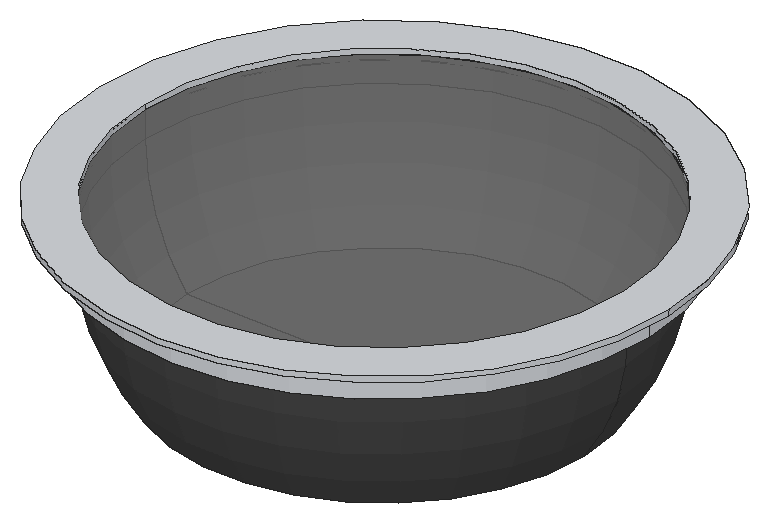
Revit family "3031821 Lighting Fixture_Sylvania_Syl-Lighter II_Ceiling Recessed", category Lighting Fixtures, host Face, Revit 2017
Family settings
  Host = Face
  Round Connector Dimension = Use Diameter
  Part Type = Normal
  OmniClass Number = 23.80.70.11.17
  OmniClass Title = Specialized Lighting by Location or Use
  Cut with Voids When Loaded = No
  Light Source = Yes
  Shared = No
  Room Calculation Point = No
Parameters (values of type "Syl-Lighter LED II 220 RO 21W NW DALI")
  Weight = 0.60 kg
  Wattage = 21 W
  built-in parameter 1150110 = 1 (stored number, unit not read)
  Voltage Comments = "UNV (Universal Voltage; 220-240 Volt)"  # constant formula
  Voltage = 240 V  # constant formula
  URL = "http://www.sylvania-lighting.com"
  built-in parameter 1114217 = 1 (stored number, unit not read)
  Tilt Angle = -90.00°  # constant formula
  built-in parameter 1150109 = 1 (stored number, unit not read)
  built-in parameter 1150134 = 12
  Ta Rating = "-10°C to +40°C"  # constant formula
  built-in parameter 1150113 = 1 (stored number, unit not read)
  Recessed Depth = Height  # 60.0 mm
  IP Rating = "IP44"  # constant formula
  IK Rating = "IK07"  # constant formula
  Energy Class = "A++, A+, A"  # constant formula
  Dimmable = "DALI"  # constant formula
  Catalog Number = "3031821 Syl-Lighter LED II 220 RO 21W NW DALI"
  Body Material = Metal_Sylvania_Syl-Lighter LED II_Silver
  Product Page URL = "http://www.sylvania-lighting.com/product/en-int/products/3031821"
  Product Family = "SYL-LIGHTER LED II"  # constant formula
  Photometry Comments = ""
  Photometric Web File = "3031821_Syl-LighterLEDII220RO21WNWDALI-187661.ies"
  built-in parameter 1150105 = 1149.5 (stored number, unit not read)
  Lumens = 1988.91 lm
  built-in parameter 1150115 = 1 (stored number, unit not read)
  built-in parameter 1150137 = (empty or 0)
  built-in parameter 1150139 = (empty or 0)
  Life = "50 000h"  # constant formula
  built-in parameter 1150112 = 1 (stored number, unit not read)
  built-in parameter 1150114 = 1 (stored number, unit not read)
  Lamp Comments = "Integrated LED"
  built-in parameter 1150132 = 2
  built-in parameter 1150102 = (empty or 0)
  built-in parameter 1150107 = 4000 (stored number, unit not read)
  built-in parameter 1150138 = (empty or 0)
  built-in parameter 1150106 = 11.495 (stored number, unit not read)
  Glow Wire Test = 650 °C  # constant formula
  Emit from Circle Diameter = Diffuser Diameter  # 185.0 mm
  Emit Shape Visible in Rendering = no
  built-in parameter 1150104 = 8.7988 (stored number, unit not read)
  Drive Current = "450mA"
  Dimming Lamp Color Temperature Shift = <None>
  Diffuser Radius = Diffuser Diameter / 2  # 92.5 mm
  Diffuser Diameter = Diameter - 20.0 mm  # 185.0 mm
  Inner Diameter = Diameter - 4.0 mm  # 201.0 mm
  Cutout Diameter = Diameter  # 205.0 mm
  Color Filter = 16777215
  Beam Angle = 74.00°
  built-in parameter 1114218 = 1 (stored number, unit not read)
  built-in parameter 1150133 = 10 (stored number, unit not read)
  Height = 60.0 mm
  Electrical Protection = "CLASS II"  # constant formula
  built-in parameter 1114216 [instance] = 1 (stored number, unit not read)
  Model = "Syl-Lighter LED II 220 RO 21W NW DALI"
  Manufacturer = "Feilo Sylvania"  # constant formula
  Lamp = "LED"
  Diffuser Material = Polycarbonate_Sylvania_Syl-Lighter LED II_Opal
  Description = "Syl-Lighter LED II is available in 4 different round body sizes: 165mm, 195mm, 220mm & 240mm Syl-Lighter LED II 165 12W delivers a 1,134 lumen output (4,000K) - perfect for 1x26W CFL replacement Syl-Lighter LED II 195 15W delivers a 1,480 lumen output (4,000K) - perfect for 1x32W/2x18W CFL replacement Syl-Lighter LED II 220 21W delivers a 1,989 lumen output (4,000K) - perfect for 1x42W CFL replacement Syl-Lighter LED II 240 25W delivers a 2,289 lumen output (4,000K)- perfect for 2x26W CFL replacement High efficacy up to 99lm/W (Syl-Lighter LED II 195 4,000K) IP44 rating allows for installation in applicable wet zone areas Choice of 3,000K (warm white) or 4,000K (neutral white) Shallow recess depth of <65mm Can replace existing large CFL downlights using a 225mm ceiling cut out (Syl-Lighter LED II 240) Energy efficient electronic gear including analogue 1-10V and DALI dimmable options IK07 polycarbonate diffuser allows for a wider light distribution than a reflector downlight, allowing for increased spacings between luminaires 3 hour emergency pack available (to be ordered in addition to the luminaire) Ideal for applications such as corridors, public WCs and back of house areas Quick and easy to install Loop in-Loop out facility with red push fit terminal block for quick wiring White bezel (RAL 9003) Energy Class: A++, A+, A Long lifetime: 50,000 hours life at L70 (L80: 30,000 hours, L90: 15,000 hours)"  # constant formula
  Default Elevation = 0.0 mm
  built-in parameter 1140040 [instance] = 1
  Assembly Code = "D5020200"
  Apparent Load Comments = ""
  Apparent Load = 21 VA
  Accessory Radius = Accessory Diameter / 2  # 110.0 mm
  Accessory Material = Aluminum_Sylvania_Syl-Lighter LED II_White_RAL 9003
  Diameter = 205.0 mm
  Accessory Diameter = 220.0 mm
Reference planes
  plane 1 "Center (Front/Back)": y = 0
  plane 2: z = 0
  plane 3 "Center (Left/Right)": x = 0
  plane 4 "Fixture Bottom": z = 2
  plane 5: z = -10
  plane 6 "Fixture Top": z = -60
  plane 7: z = -2
Forms (mm)
  Extrusion 1, void
    sketch origin (0, 0, 58) x (-1, 0, 0) y (0, -1, 0)
      loop
        circle (0, 0) r 102.5
    from -171 to -55
  Extrusion 2, solid, detail levels fine
    sketch origin (0, 0, 58) x (-1, 0, 0) y (0, -1, 0)
      loop
        circle (0, 0) r 102.5
      loop
        circle (0, 0) r 100.5
    from -68 to -58
  Extrusion 3, solid, detail levels fine
    sketch origin (0, 0, 58) x (-1, 0, 0) y (0, -1, 0)
      loop
        circle (0, 0) r 110
      loop
        circle (0, 0) r 92.5
    from -58 to -56
  Extrusion 4, solid, material "Polycarbonate_Sylvania_Syl-Lighter LED II_Opal" <- "Diffuser Material", detail levels fine
    sketch origin (0, 0, 58) x (-1, 0, 0) y (0, -1, 0)
      loop
        circle (0, 0) r 92.5
    from -60 to -58
  Revolve 5, solid, material "Metal_Sylvania_Syl-Lighter LED II_Silver" <- "Body Material", detail levels fine
    sketch origin (0, 0, 0) x (1, 0, 0) y (0, 0, 1)
      loop
        line (-92.5, 0) -> (-94.5, 0) -> (-94.5, -10)
        arc (-94.5, -10) -> (-90.134, -36.405) -> (-77.5, -60) r 82.029
        line (-77.5, -60) -> (0, -60) -> (0, -58) -> (-76.507, -58)
        arc (-76.507, -58) -> (-88.397, -35.297) -> (-92.5, -10) r 80.029
        line (-92.5, -10) -> (-92.5, 0)
      axis (0, -60) -> (0, 0)
    angle from 0 to 360
  Revolve 6, solid, material "Aluminum_Sylvania_Syl-Lighter LED II_White_RAL 9003" <- "Accessory Material", detail levels coarse+medium
    sketch origin (0, 0, 0) x (1, 0, 0) y (0, 0, 1)
      loop
        line (-110, 2) -> (-110, 0) -> (-102.5, 0) -> (-102.5, -10) -> (-94.5, -10)
        arc (-94.5, -10) -> (-90.134, -36.405) -> (-77.5, -60) r 82.029
        line (-77.5, -60) -> (0, -60) -> (0, 2) -> (-110, 2)
      axis (0, 2) -> (0, -60)
    angle from 0 to 360
Cuts and joins
  joined: Extrusion 2, Extrusion 3
Lines and regions (mm)
  Masking region 1
    outline origin (0, 0, 58) x (-1, 0, 0) y (0, -1, 0)
      loop
        circle (0, 0) r 110
  symbolic lines, detail levels fine
    curve 1: arc (-92.5, 0, 58) -> (0, 92.5, 58) -> (92.5, 0, 58) r 92.5
    curve 2: arc (92.5, 0, 58) -> (0, -92.5, 58) -> (-92.5, 0, 58) r 92.5
Dimensions and locks
  locked: plane 4 "Fixture Bottom" to plane 2 at 2
  locked: plane 2 to plane 5 at 10
  "Height": plane 2 to plane 6 "Fixture Top"
  locked: plane 2 to plane 7 at 2
  "Diffuser Radius": plane 3 "Center (Left/Right)" to Revolve 5 sketch curve
  locked: Revolve 5 sketch curve to Revolve 5 sketch curve at 2
  locked: Revolve 5 sketch curve to Revolve 5 sketch curve at 15
  "Accessory Radius": plane 3 "Center (Left/Right)" to Revolve 6 sketch curve
  Revolve 6 sketch curve to Revolve 6 sketch curve to Revolve 6 sketch curve to Revolve 6 sketch curve = 7.5 mm locked, 8.0 mm locked, 17.0 mm locked
  "Cutout Diameter": diameter of Extrusion 1 sketch curve
  "Diameter": diameter of Extrusion 2 sketch curve
  "Inner Diameter": diameter of Extrusion 2 sketch curve
  "Accessory Diameter": diameter of Extrusion 3 sketch curve
  "Diffuser Diameter": diameter of Extrusion 3 sketch curve
  "Diffuser Diameter": diameter of Extrusion 4 sketch curve
  "Accessory Diameter": diameter of Masking region 1 sketch curve
  aligned and locked: host face to plane 2
  aligned and locked: host face to level
  aligned and locked: plane 4 "Fixture Bottom" to Extrusion 3
  aligned and locked: Extrusion 3 to plane 2
  aligned and locked: Extrusion 2 to plane 5
  aligned and locked: plane 2 to Extrusion 2
  aligned and locked: Extrusion 4 to plane 7
  aligned and locked: plane 2 to Extrusion 4
  aligned and locked: Revolve 5 sketch curve to plane 2
  aligned and locked: plane 5 to Revolve 5 sketch curve  (x2)
  aligned and locked: Revolve 5 sketch curve to plane 3 "Center (Left/Right)"
  aligned and locked: plane 3 "Center (Left/Right)" to Revolve 5 sketch curve
  aligned and locked: Revolve 6 sketch curve to plane 5
  aligned and locked: Revolve 6 sketch curve to plane 2
  aligned and locked: Revolve 6 sketch curve to plane 4 "Fixture Bottom"
  aligned and locked: plane 3 "Center (Left/Right)" to Revolve 6 sketch curve
  aligned and locked: Revolve 6 sketch curve to plane 3 "Center (Left/Right)"
  aligned and locked: plane 3 "Center (Left/Right)" to imposter light
  aligned and locked: imposter light to plane 1 "Center (Front/Back)"
  aligned and locked: imposter light to plane 4 "Fixture Bottom"
  aligned and locked: curve 1 to cut or joined group of Extrusion 2, Extrusion 3
Automatic sketch dimensions
  host sketch curve to host sketch curve = 700.0 mm
  host sketch curve to host sketch curve = 620.0 mm
  plane 1 "Center (Front/Back)" to Extrusion 1 sketch curve = 0.0 mm
  Extrusion 1 sketch curve to plane 3 "Center (Left/Right)" = 0.0 mm
  Extrusion 2 sketch curve to Extrusion 2 sketch curve = 0.0 mm  (x2)
  plane 1 "Center (Front/Back)" to Extrusion 2 sketch curve = 0.0 mm
  Extrusion 2 sketch curve to plane 3 "Center (Left/Right)" = 0.0 mm
  Extrusion 3 sketch curve to Extrusion 3 sketch curve = 0.0 mm  (x2)
  plane 1 "Center (Front/Back)" to Extrusion 3 sketch curve = 0.0 mm
  Extrusion 3 sketch curve to plane 3 "Center (Left/Right)" = 0.0 mm
  plane 1 "Center (Front/Back)" to Extrusion 4 sketch curve = 0.0 mm
  Extrusion 4 sketch curve to plane 3 "Center (Left/Right)" = 0.0 mm
  Revolve 5 sketch curve to Revolve 5 sketch curve = 0.0 mm
  Revolve 5 sketch curve to plane 6 "Fixture Top" = 0.0 mm
  plane 6 "Fixture Top" to Revolve 5 sketch curve = 2.0 mm
  Revolve 5 sketch curve to Revolve 5 sketch curve = 17.111 mm
  plane 4 "Fixture Bottom" to Revolve 5 sketch curve = 20.889 mm
  Revolve 6 sketch curve to plane 6 "Fixture Top" = 0.0 mm
  Revolve 6 sketch curve to plane 6 "Fixture Top" = 63.885 mm
  Revolve 6 sketch curve to Revolve 6 sketch curve = 84.115 mm
  plane 1 "Center (Front/Back)" to Masking region 1 sketch curve = 0.0 mm
  Masking region 1 sketch curve to plane 3 "Center (Left/Right)" = 0.0 mm
Connectors
  electrical at (0, 0, -60), driven by "Apparent Load", driven by "Voltage"
    settings: on Revolve 5, index 1, voltage 240 V, apparent load 0 VA, apparent load phase1 21 VA, apparent load phase2 0 VA, apparent load phase3 0 VA, power factor 1, load classification "Lighting", number of poles 1, system type 31, power factor state 1, is connector primary yes, connector utility no, sub classification motor no, connector description ""
